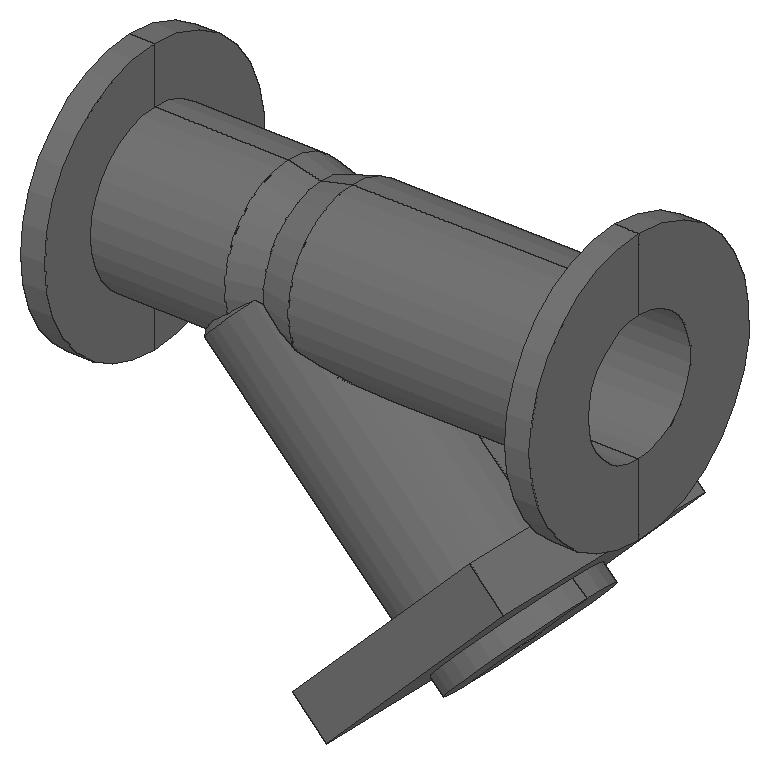
Revit family "Strainers-Cast_Iron_Flanged-WATTS-Class_125-(77F-DI-125)_Series", category Pipe Accessories, Revit 2014
Parameters (values of type "77F-DI-125 - 2"")
  Width = 4 1/4"
  Waste Connection = no
  Vent Connection = no
  URL = "http://www.watts.com"
  Strainer Width = 3 7/8"
  Strainer Thickness = Flange Thickness * 2  # 3/4"
  Strainer Revolve Offset Distance = Strainer Width / 2  # 1 15/16"
  Strainer Offset Length From Flange = (Strainer Length - Strainer Diameter) / 2  # 11/16"
  Strainer Length = Strainer Width  # 3 7/8"
  Strainer Diameter = Nominal Depth * 2 + NPT Diameter  # 2 1/2"
  Specification Sheet = "http://media.wattswater.com/ES-77F-DI-125.pdf"
  Product Page URL = "http://www.watts.com/pages/_products_details.asp?pid=832"
  Price = "Prices may vary. Please consult Manufacturer Representative for most up-to-date price list."  # constant formula
  Nominal Depth 2 = Nominal Depth / 2  # 1/2"
  Nominal Depth = 1"
  NPT Radius = NPT Diameter / 2  # 1/4"
  NPT Diameter = 1/2"
  Model = "77F-DI-125, 77F-DI-FDA-125"  # constant formula
  Max. Working Pressure = "200psi (13.8 bar) WOG, non-shock, @ 210° F (99° C), 125psi (8.6 bar) WSP @ 353° F (178° C)"  # constant formula
  Manufacturer = "Mueller Steam Specialty"  # constant formula
  Length = 7 7/8"
  Height = 5 1/4"
  HW Connection = no
  Flange Thickness = 3/8"
  Description = "Series 77F-DI-125 Cast Iron, Flanged, Wye-Pattern Strainers feature a wye-pattern, Class B cast iron body with Class 125 flanged connections, cast iron blow-down plug, stainless steel screen, bolted and tapped iron retainer cap with graphite gasket and iron blow-down plug. Maximum Pressure (non-shock): 200psi (13.8 bar) @ 210°F (99°C) WOG, 125psi (8.6 bar) @ 353°F (178°C) WSP. 14 and 16 in. rated at 150psi (10.3 bar) @ 150°F; (66°C)."  # constant formula
  Creation Date = "29/6/2015"  # constant formula
  Connection Type = "Flanged Connection"  # constant formula
  Connection Size = Connection Radius * 2  # 2"
  Connection Radius = 1"
  CW Connection = yes
  Body Radius = 1 1/4"
  Assembly Code = ""
Types (10): name | Width | Strainer Width | Strainer Thickness | Strainer Revolve Offset Distance | Strainer Offset Length From Flange | Strainer Length | Strainer Diameter | Nominal Depth 2 | Nominal Depth | NPT Radius | NPT Diameter | Length | Height | Flange Thickness | Connection Size | Connection Radius | Body Radius
  (no name) | 4 1/4" | 3 7/8" | 3/4" | 1 15/16" | 11/16" | 3 7/8" | 2 1/2" | 1/2" | 1" | 1/4" | 1/2" | 7 7/8" | 5 1/4" | 3/8" | 2" | 1" | 1 1/4"
  77F-DI-125 - 2" | 4 1/4" | 3 7/8" | 3/4" | 1 15/16" | 11/16" | 3 7/8" | 2 1/2" | 1/2" | 1" | 1/4" | 1/2" | 7 7/8" | 5 1/4" | 3/8" | 2" | 1" | 1 1/4"
  77F-DI-125 - 2.5" | 5" | 4 7/8" | 3/4" | 2 7/16" | 15/16" | 4 7/8" | 3" | 1/2" | 1" | 1/2" | 1" | 10" | 6 1/2" | 3/8" | 2 1/2" | 1 1/4" | 1 5/8"
  77F-DI-125 - 3" | 5 1/2" | 5" | 1" | 2 1/2" | 5/8" | 5" | 3 3/4" | 11/16" | 1 3/8" | 1/2" | 1" | 10 1/8" | 7" | 1/2" | 3" | 1 1/2" | 2"
  77F-DI-125 - 4" | 7" | 6 1/8" | 1" | 3 1/16" | 11/16" | 6 1/8" | 4 3/4" | 13/16" | 1 5/8" | 3/4" | 1 1/2" | 12 1/8" | 8 1/4" | 1/2" | 4" | 2" | 2 1/2"
  77F-DI-125 - 5" | 8 1/4" | 7 1/2" | 1 1/4" | 3 3/4" | 1" | 7 1/2" | 5 1/2" | 7/8" | 1 3/4" | 1" | 2" | 15 5/8" | 11 1/4" | 5/8" | 5" | 2 1/2" | 3"
  77F-DI-125 - 6" | 10" | 8 1/2" | 2" | 4 1/4" | 3/4" | 8 1/2" | 7" | 1 1/4" | 2 1/2" | 1" | 2" | 18 1/2" | 13 1/2" | 1" | 6" | 3" | 3 1/2"
  77F-DI-125 - 8" | 14" | 11" | 2" | 5 1/2" | 5/8" | 11" | 9 3/4" | 1 15/16" | 3 7/8" | 1" | 2" | 21 5/8" | 15 1/2" | 1" | 8" | 4" | 5"
  77F-DI-125 - 10" | 16" | 12" | 3" | 6" | 1" | 12" | 10" | 2" | 4" | 1" | 2" | 25 3/4" | 18 1/2" | 1 1/2" | 10" | 5" | 5 5/8"
  77F-DI-125 - 12" | 20" | 15" | 3" | 7 1/2" | 3/4" | 15" | 13 1/2" | 2 7/8" | 5 3/4" | 1" | 2" | 29 7/8" | 21 3/4" | 1 1/2" | 12" | 6" | 7"
Reference planes (in)
  plane 1 "Center (Front/Back)": y = 0
  plane 2: z = 0
  plane 3 "Center (Left/Right)": x = 0
  plane 4: x = -3.9375
  plane 5: x = 3.9375
  plane 6: z = 1
  plane 7: z = -1
  plane 8: z = 2.125
  plane 9: z = -2.125
  plane 10: z = -5.25
  plane 11: z = 1.25
  plane 12: z = 1.125
  plane 13: x = -1.96875
  plane 14: x = -0.98437
  plane 15: x = -1.47656
  plane 16: x = -0.49219
  plane 17: y = 1.9375
  plane 18: y = -1.9375
  plane 19: z = -1.5625
  plane 20: z = -1
  plane 21: z = -1.84375
  plane 22: z = 1
  plane 23: y = 0.25
  plane 24: y = -0.25
  plane 25: z = 1.125
  plane 26: z = 1.25
  plane 27: x = -1.59375
  plane 28: x = 1.59375
  plane 29: y = -2
Forms (in)
  Revolve 1, solid, material "Metal-Watts-Bronze", detail levels fine
    sketch origin (0, 0, 0) x (1, 0, 0) y (0, 0, 1)
      loop
        line (-3.9375, 1) -> (3.9375, 1) -> (3.9375, 2.125) -> (3.5625, 2.125) -> (3.5625, 1.25) -> (-0.49219, 1.25) -> (-0.98437, 1.125) -> (-1.47656, 1.25) -> (-3.5625, 1.25) -> (-3.5625, 2.125) -> (-3.9375, 2.125) -> (-3.9375, 1)
      axis (3.9375, 0) -> (-3.9375, 0)
    angle from 0 to 360
  Extrusion 2, solid, material "Metal-Watts-Bronze", detail levels fine
    sketch origin (-0.64688, 0, 0.64688) x (1, 0, 0) y (0, 0, 1)
      loop
        line (1.30778, -5.89688) -> (4.04782, -3.15684) -> (3.51749, -2.62651) -> (0.77745, -5.36655) -> (1.30778, -5.89688)
    from -1.9375 to 1.9375
  Revolve 3, solid, material "Metal-Watts-Bronze", detail levels fine
    sketch origin (0, 0, 0) x (1, 0, 0) y (0, 0, 1)
      loop
        line (-2.32749, 0.12487) -> (-2.32749, -1.28934) -> (1.368, -4.98483) -> (2.07511, -4.27773) -> (-2.32749, 0.12487)
      axis (-2.15071, 0.30165) -> (2.25189, -4.10095)
    angle from 0 to 360
Lines and regions (in)
  Masking region 1, detail levels fine
    outline origin (0, 0, 0) x (1, 0, 0) y (0, 0, 1)
      loop
        line (-3.9375, 2.125) -> (-3.9375, -2.125) -> (-3.5625, -2.125) -> (-3.5625, -1.25) -> (-2.36683, -1.25) -> (0.6167, -4.23353) -> (0.13057, -4.71967) -> (0.6609, -5.25) -> (1.14703, -4.76386) -> (1.368, -4.98483) -> (3.13577, -3.21707) -> (2.9148, -2.9961) -> (3.40093, -2.50996) -> (2.8706, -1.97963) -> (2.38447, -2.46577) -> (1.1687, -1.25) -> (3.5625, -1.25) -> (3.5625, -2.125) -> (3.9375, -2.125) -> (3.9375, 2.125) -> (3.5625, 2.125) -> (3.5625, 1.25) -> (-0.49219, 1.25) -> (-0.98437, 1.125) -> (-1.47656, 1.25) -> (-3.5625, 1.25) -> (-3.5625, 2.125) -> (-3.9375, 2.125)
  Masking region 2
    outline origin (0, 0, 0) x (0, 1, 0) y (0, 0, 1)
      loop
        line (-1.25, -1.71847) -> (-1.25, -1.97963) -> (-1.9375, -1.97963) -> (-1.9375, -5.25) -> (1.9375, -5.25) -> (1.9375, -1.97963) -> (1.25, -1.97963) -> (1.25, -1.71847)
        arc (1.25, -1.71847) -> (0, 2.125) -> (-1.25, -1.71847) r 2.125
  Masking region 3, detail levels fine
    outline origin (0, 0, 0) x (1, 0, 0) y (0, 1, 0)
      loop
        line (-3.9375, 2.125) -> (-3.9375, -2.125) -> (-3.5625, -2.125) -> (-3.5625, -1.25) -> (0.13057, -1.25) -> (0.13057, -1.9375) -> (3.40093, -1.9375) -> (3.40093, -1.25) -> (3.5625, -1.25) -> (3.5625, -2.125) -> (3.9375, -2.125) -> (3.9375, 2.125) -> (3.5625, 2.125) -> (3.5625, 1.25) -> (3.40093, 1.25) -> (3.40093, 1.9375) -> (0.13057, 1.9375) -> (0.13057, 1.25) -> (-3.5625, 1.25) -> (-3.5625, 2.125) -> (-3.9375, 2.125)
  symbolic lines, style "PipeAccessory", detail levels fine
    curve 1: line (-3.5625, 0, 1.25) -> (-3.5625, 0, -1.25)
    curve 2: line (3.5625, 0, 1.25) -> (3.5625, 0, -1.25)
    curve 3: line (-2.36683, 0, -1.25) -> (1.1687, 0, -1.25)
    curve 4: line (-0.98437, 0, -1.25) -> (-0.98437, 0, 1.125)
    curve 5: line (0.13057, 1.25, 0) -> (3.40093, 1.25, 0)
    curve 6: line (0.13057, -1.25, 0) -> (3.40093, -1.25, 0)
    curve 7: line (-3.5625, 1.25, 0) -> (-3.5625, -1.25, 0)
    curve 8: line (3.5625, 1.25, 0) -> (3.5625, -1.25, 0)
    curve 15: line (2.38447, 0, -2.46577) -> (0.6167, 0, -4.23353)
    curve 16: line (1.14703, 0, -4.76386) -> (2.9148, 0, -2.9961)
  symbolic lines, style "PipeAccessory", detail levels medium+fine
    curve 9: circle (0, 0, 0) r 2.125 normal (-1, 0, 0)
    curve 10: circle (0, 0, 0) r 1 normal (-1, 0, 0)
  symbolic lines, style "PlumbingFixturesHiddenLines", detail levels fine
    curve 11: line (0, 1.9375, -4.71967) -> (0, -1.9375, -4.71967)
  symbolic lines, style "PlumbingFixturesHiddenLines", detail levels medium+fine
    curve 12: line (0, 1.25, -1.97963) -> (0, 1.25, -4.5)
    curve 13: line (0, -1.25, -1.97963) -> (0, -1.25, -4.5)
    curve 14: line (0, 1.25, -4.5) -> (0, -1.25, -4.5)
  model lines, detail levels coarse+medium
    curve 17: line (-1.59375, 0, 0) -> (1.59375, 0, 0)
    curve 18: line (-0.81789, 0, 0) -> (1.59375, -2, 0)
    curve 19: line (-1.59375, 0.25, 0) -> (-1.59375, -0.25, 0)
    curve 20: line (1.59375, 0.25, 0) -> (1.59375, -0.25, 0)
Dimensions and locks (in)
  "Connection Size": plane 6 to plane 7
  "Width": plane 8 to plane 9
  equal spacing: plane 8, level, plane 9
  "Length": plane 5 to plane 4
  equal spacing: plane 4, plane 3 "Center (Left/Right)", plane 5
  "Height": level to plane 10
  equal spacing: plane 6, level, plane 7
  equal spacing: plane 3 "Center (Left/Right)", plane 13, plane 4
  equal spacing: plane 3 "Center (Left/Right)", plane 14, plane 13
  equal spacing: plane 14, plane 15, plane 13
  equal spacing: plane 3 "Center (Left/Right)", plane 16, plane 14
  "Strainer Width": plane 17 to plane 18
  "Flange Thickness": Revolve 1 sketch curve to plane 4
  "Flange Thickness": Revolve 1 sketch curve to plane 5
  "Connection Radius": level to plane 20
  equal spacing: plane 20, plane 19, plane 9
  equal spacing: plane 19, plane 21, plane 9
  "NPT Radius": Revolve 3 sketch curve to Revolve 3 sketch curve
  locked: Revolve 3 sketch curve to Extrusion 2 at 0.3125
  "Nominal Depth": Revolve 3 sketch curve to Revolve 3 sketch curve
  "Connection Radius": plane 22 to level
  equal spacing: plane 11, plane 12, plane 22
  equal spacing: plane 17, plane 1 "Center (Front/Back)", plane 18
  "Strainer Length": Extrusion 2 sketch curve to Extrusion 2 sketch curve
  "Body Radius": plane 11 to level
  "Strainer Revolve Offset Distance": Extrusion 2 to Revolve 3 sketch curve
  "Strainer Thickness": Extrusion 2 sketch curve to Extrusion 2 sketch curve
  "NPT Radius": plane 23 to plane 1 "Center (Front/Back)"
  "NPT Radius": plane 1 "Center (Front/Back)" to plane 24
  "Nominal Depth": Masking region 2 sketch curve to plane 23
  "Nominal Depth": plane 24 to Masking region 2 sketch curve
  "Strainer Length": Masking region 1 sketch curve to Masking region 1 sketch curve
  "Body Radius": level to Masking region 1 sketch curve
  "Body Radius": plane 26 to level
  equal spacing: plane 26, plane 25, plane 6
  "Strainer Diameter": Masking region 1 sketch curve to Masking region 1 sketch curve
  "Strainer Offset Length From Flange": Extrusion 2 to Masking region 1 sketch curve
  "Width": Masking region 3 sketch curve to Masking region 3 sketch curve
  equal spacing: Masking region 3 sketch curve, plane 1 "Center (Front/Back)", Masking region 3 sketch curve
  "Body Radius": plane 1 "Center (Front/Back)" to Masking region 3 sketch curve
  "Body Radius": Masking region 3 sketch curve to plane 1 "Center (Front/Back)"
  "Strainer Thickness": plane 10 to curve 14
  locked: plane 27 to curve 18 at 0.77586
  locked: plane 29 to plane 1 "Center (Front/Back)" at 2
  locked: plane 10 to Extrusion 2 sketch curve (angle 45.00°)  (x2)
  locked: Extrusion 2 sketch curve to plane 10 (angle 45.00°)  (x2)
  locked: Revolve 3 sketch curve to plane 21 (angle 45.00°)
  aligned and locked: plane 5 to Revolve 1 sketch curve
  aligned and locked: plane 8 to Revolve 1 sketch curve
  aligned and locked: Revolve 1 sketch curve to plane 8
  aligned and locked: Revolve 1 sketch curve to Revolve 1 sketch curve
  aligned and locked: Revolve 1 sketch curve to plane 11
  aligned and locked: plane 15 to Revolve 1 sketch curve
  aligned and locked: plane 16 to Revolve 1 sketch curve
  aligned and locked: plane 12 to Revolve 1 sketch curve
  aligned and locked: plane 14 to Revolve 1 sketch curve
  aligned and locked: Extrusion 2 to plane 17
  aligned and locked: Extrusion 2 to plane 18
  aligned and locked: Revolve 1 sketch curve to plane 6
  aligned and locked: plane 10 to Extrusion 2 sketch curve
  aligned and locked: Masking region 2 sketch curve to Revolve 1
  aligned and locked: Masking region 2 sketch curve to Masking region 2 sketch curve
  aligned and locked: Masking region 2 sketch curve to Extrusion 2
  aligned and locked: plane 18 to Masking region 2 sketch curve
  aligned and locked: plane 17 to Masking region 2 sketch curve
  aligned and locked: Masking region 2 sketch curve to plane 10
  aligned and locked: Masking region 1 sketch curve to plane 4
  aligned and locked: plane 8 to Masking region 1 sketch curve  (x2)
  aligned and locked: Masking region 1 sketch curve to Masking region 1 sketch curve  (x8)
  aligned and locked: Masking region 1 sketch curve to plane 5
  aligned and locked: plane 9 to Masking region 1 sketch curve  (x2)
  aligned and locked: Revolve 1 to Masking region 1 sketch curve  (x3)
  aligned and locked: Masking region 1 sketch curve to Revolve 1  (x2)
  aligned and locked: Masking region 1 sketch curve to Extrusion 2
  aligned and locked: Masking region 1 sketch curve to Revolve 3
  aligned and locked: Extrusion 2 to Masking region 1 sketch curve
  aligned and locked: plane 10 to Masking region 1 sketch curve
  aligned and locked: Masking region 1 sketch curve to plane 26
  aligned and locked: plane 25 to Masking region 1 sketch curve
  aligned and locked: Masking region 3 sketch curve to plane 4
  aligned and locked: Masking region 3 sketch curve to plane 5
  aligned and locked: Masking region 3 sketch curve to Masking region 3 sketch curve  (x8)
  aligned and locked: Revolve 1 to Masking region 3 sketch curve
  aligned and locked: Masking region 3 sketch curve to Revolve 1
  aligned and locked: Masking region 3 sketch curve to Extrusion 2  (x2)
  aligned and locked: Masking region 3 sketch curve to plane 17
  aligned and locked: Masking region 3 sketch curve to plane 18
  aligned and locked: Revolve 1 to curve 1
  aligned and locked: Revolve 1 to curve 2
  aligned and locked: Masking region 1 to curve 1
  aligned and locked: curve 1 to Masking region 1
  aligned and locked: Masking region 1 to curve 2
  aligned and locked: curve 2 to Masking region 1
  aligned and locked: curve 4 to Revolve 1
  aligned and locked: curve 1 to curve 3
  aligned and locked: curve 3 to Masking region 1
  aligned and locked: Masking region 1 to curve 3
  aligned and locked: Masking region 1 to curve 4
  aligned and locked: Masking region 3 to curve 6  (x2)
  aligned and locked: curve 6 to Masking region 3
  aligned and locked: curve 5 to Masking region 3  (x2)
  aligned and locked: Masking region 3 to curve 5
  aligned and locked: Revolve 1 to curve 7
  aligned and locked: Revolve 1 to curve 8
  aligned and locked: curve 7 to Masking region 3
  aligned and locked: Masking region 3 to curve 7
  aligned and locked: curve 8 to Masking region 3
  aligned and locked: Masking region 3 to curve 8
  aligned and locked: curve 9 to Revolve 1
  aligned and locked: curve 10 to Revolve 1
  aligned and locked: curve 11 to Extrusion 2
  aligned and locked: Extrusion 2 to curve 11  (x2)
  aligned and locked: Masking region 2 to curve 12  (x2)
  aligned and locked: Masking region 2 to curve 13
  aligned and locked: curve 13 to Masking region 2
  aligned and locked: Extrusion 2 to curve 15
  aligned and locked: Masking region 1 to curve 15
  aligned and locked: curve 15 to Masking region 1
  aligned and locked: Extrusion 2 to curve 16
  aligned and locked: curve 16 to Masking region 1
  aligned and locked: Masking region 1 to curve 16
  aligned and locked: plane 1 "Center (Front/Back)" to curve 17
  aligned and locked: plane 27 to curve 19
  aligned and locked: plane 28 to curve 20
  aligned and locked: plane 29 to curve 18
  aligned and locked: plane 28 to curve 18
Automatic sketch dimensions
  Revolve 1 sketch curve to level = 0"
  Revolve 1 sketch curve to plane 4 = 0"
  Revolve 1 sketch curve to plane 4 = 0.90603"
  Revolve 1 sketch curve to Revolve 1 sketch curve = 0.42846"
  plane 3 "Center (Left/Right)" to Extrusion 2 sketch curve = 0.13057"
  Revolve 3 sketch curve to plane 19 = 0.18272"
  Revolve 3 sketch curve to plane 19 = 0.27316"
  Masking region 1 sketch curve to Masking region 1 sketch curve = 3/8"
  curve 19 to curve 17 = 1/4"
  curve 20 to curve 17 = 1/4"
  curve 19 to plane 1 "Center (Front/Back)" = 1/4"
  curve 20 to plane 1 "Center (Front/Back)" = 1/4"
Connectors (in)
  piping at (3.9375, 0, 0), diameter 2, driven by "Connection Radius"
    settings: on Revolve 1, index 1, connector inside diameter 3/4", connector length 0", flow factor 0, pipe flow 0 GPM, pressure drop 0.00 psi, fitting loss kfactor 0, connector angle 0.00°, fixture units 0, engagement length 0", angle of deflection 0.00°, flow configuration 0, flow direction 2, fitting loss method 0, system type 29, joint type 0, gender type 0, connector reference index -1, connector utility 0, adjustable connector no, is connector primary no, connector description "Threaded Female Connection Outlet"
  piping at (-3.9375, 0, 0), diameter 2, driven by "Connection Radius"
    settings: on Revolve 1, index 2, connector inside diameter 3/4", connector length 0", flow factor 0, pipe flow 0 GPM, pressure drop 0.00 psi, fitting loss kfactor 0, connector angle 0.00°, fixture units 0, engagement length 0", angle of deflection 0.00°, flow configuration 0, flow direction 1, fitting loss method 0, system type 29, joint type 0, gender type 0, connector reference index -1, connector utility 0, adjustable connector no, is connector primary yes, connector description "Threaded Female Connection Inlet"
